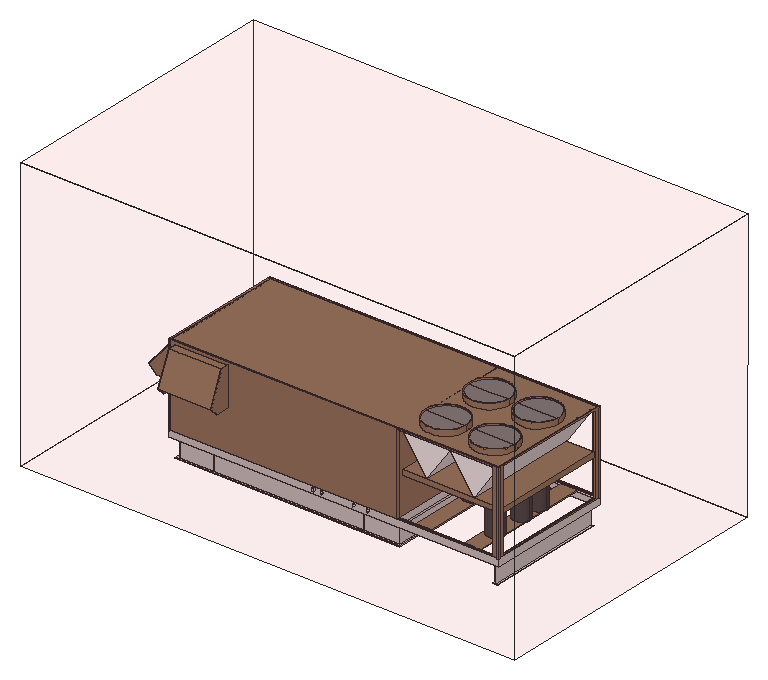
Revit family
Parameters (values of type "25 Ton - D - A - N - 208V")
  Width = 92"  # constant formula
  Voltage = 208 V
  URL = "www.johnsoncontrols.com"
  Temperature Rise Range [instance] = 0 °F
  Supply Fan HP = 0 VA
  Supply Fan Full Load Current = 0 A
  Supply Air Connection Width = 71 39/64"  # constant formula
  Supply Air Connection Height = 26"  # constant formula
  Supply Air Connection Description = "Supply Air"  # constant formula
  Steady State Efficiency [instance] = 0
  Static Resistance [instance] = -0.14
  Standard Capacity Evaporator [instance] = "12.3"
  Serial Number [instance] = ""
  Seasonal Energy Efficiency Rating [instance] = 0
  Right Detail Component Width = Width - 8"  # 84"
  Return Air Dry Bulb Temperature [instance] = 68 °F
  Return Air Connection Width = 76 3/8"  # constant formula
  Return Air Connection Height = 24 115/128"  # constant formula
  Return Air Connection Description = "Return Air"  # constant formula
  Refrigerant Used = "R-410A"  # constant formula
  Refrigerant Charge System Two = 12.00 lbf
  Refrigerant Charge System Three = 10.00 lbf
  Refrigerant Charge System One = 12.00 lbf
  Refrigerant Charge System Four = 10.00 lbf
  Propane [instance] = not(Natural Gas)  # no
  Product Page URL = "http://www.johnsoncontrols.com/publish/us/en/products/building_efficiency/integrated_hvac_systems/Industrial___Commercial_HVAC_Equipment/single-package_units/series_40.html"
  Product Documentation Link = "http://www.johnsoncontrols.com/publish/etc/medialib/jci/be/commercial/products/industrial___commercial/single-package_units.Par.8585.File.dat/series%2040%20-V%20series.pdf"
  Power Factor = 1  # constant formula
  Power Exhaust Width = 59 133/256"  # constant formula
  Power Exhaust = no
  Power Convenience Outlet Description [instance] = if(Power Convenience Outlet, "Convenience Outlet Power", "Disable")  # "Convenience Outlet Power"
  Power Convenience Outlet [instance] = yes
  Power Connector Description = "Equipment Power"  # constant formula
  Outdoor Ambient Temperature [instance] = 75 °F
  Outdoor Air Wet Bulb Temperature [instance] = 57 °F
  Operating Weight = 4410.00 lbf
  OmniClass Title = "Packaged Rooftop Air Conditioning Units"  # constant formula
  OmniClass Number = "23.75.10.24.21.27.14"  # constant formula
  Number of Poles = 3
  Nominal Cooling Capacity = 0.0 ton
  Natural Gas [instance] = yes
  Model = "V32DN"
  Maximum Overcurrent Protection = 0 A
  Manufacturer = "Johnson Controls, Inc."  # constant formula
  Length = 240"  # constant formula
  Keynote = "15700"
  Integrated Part Load Value = 0
  Hot Gas By Pass [instance] = no
  Height = 64"  # constant formula
  Gas Heat Model = "N3"
  Gas Connector Offset Front Minimum = 12"  # constant formula
  Gas Connector Offset Front = 12"
  Gas Connector Description = "Supply Gas"  # constant formula
  Gas Connection Radius = Gas Connection Diameter / 2  # 1 13/16"
  Gas Connection Diameter = 3 5/8"  # constant formula
  Frame Material = Metal - JCI - Steel - Galvanized With Wood Nailer
  Frame Finish = Paint - JCI - Powder Coated - Champagne
  Filter Type = "2\" TA"
  Filter Size and Quantity = "4 / 16 x 25 & 6 / 20 x 25"  # constant formula
  Filter Face Area = 30.40 SF  # constant formula
  Family Revision Date = "06/18/2010"  # constant formula
  Exhaust Fan Type = "FC"  # constant formula
  Exhaust Fan Quantity = 1
  Exhaust Fan HP [instance] = 0 VA
  Exhaust Fan Drive = "Belt Drive"
  Exhaust Air Flow = 0 CFM
  Exhaust Air Blower Full Load Current [instance] = 0 A
  Evaporator Coil Row Count = 2
  Evaporator Coil Fins per Inch = 16  # constant formula
  Evaporator Coil Face Area = 26.00 SF
  Economizer Damper Hood Right [instance] = not(Economizer Damper Hood Left)  # yes
  Detail Component Screen Height = Height - 5 5/8"  # 58 3/8"
  External Static Pressure [instance] = 0.00 in-wg
  Energy Efficiency Rating = 10.5
  Economizer Damper Hood Left [instance] = no
  Design Supply Air Flow [instance] = 0 CFM
  Description = "Air Handling Unit, Commercial Comfort Systems, Series 40, Cooling And Gas Heating-End Return, Bottom Supply - 25 to 40 Ton Unit"  # constant formula
  Curb Width = 87"  # constant formula
  Curb Thicknes = 2"  # constant formula
  Curb Metal Gauge = 1/8"  # constant formula
  Curb Length = 235"  # constant formula
  Curb Height [instance] = 14"
  Curb Material = Metal - JCI - Steel - Galvanized With Wood Nailer
  Curb Exists [instance] = yes
  Copyright © = "Copyright © 2001-2009 Johnson Controls"  # constant formula
  Convenience Outlet Voltage [instance] = if(Power Convenience Outlet, 115 V, 0 V)  # 115 V
  Convenience Outlet Full Load Current = 0 A
  Connection Opening Radius = 1 1/4"  # constant formula
  Condenser Fan Quantity = 4
  Condenser Fan HP = 0 VA
  Condenser Fan Full Load Current = 0 A
  Condenser Fan Drive Type = "Belt Drive"
  Condenser Fan Diameter = 30"
  Condenser Coils Fins per Inch = 16  # constant formula
  Condenser Coil Rows = 2
  Condenser Coil Material = Metal - JCI - Aluminum - Perforated - Micro Channel
  Condensate Drain Flow [instance] = 0 GPM
  Condensate Drain Connection Radius = Condensate Drain Connection Diameter / 2  # 3/4"
  Condensate Drain Connection Diameter = 1 1/2"  # constant formula
  Condensate Drain Connection Description = "Condensate Drain"  # constant formula
  Compressor Type = "Scroll"  # constant formula
  Compressor Size = "5.7 Tons"
  Compressor Running Load Current = 0 A
  Compressor Quantity = 4
  Compressor Maximum Continuous Current = 0 A
  Compressor Material = Metal - JCI - Cast Iron - Coated Black
  Compressor Locked Rotor Current = 0 A
  Clearance Top = 120"
  Clearance Right = 60"
  Clearance Left = 60"
  Clearance Front = 60"
  Clearance Bottom [instance] = if(Curb Exists, CTRL Curb Height, 0")  # 14"
  Clearance Back = 60"
  Clearance [instance] = Include Clearance : Include Clearance
  CTRL Gas Connetor Offset Front = if(Gas Connector Offset Front < Gas Connector Offset Front Minimum, Gas Connector Offset Front Minimum, Gas Connector Offset Front)  # 12"
  CTRL Curb Height [instance] = if(Curb Exists, if(Curb Height < 9", 8", 14"), 0")  # 14"
  Assembly Code = "D3050200"
  Actual Supply Gas Connection Flow [instance] = 0 GPM
  Actual Supply Air Flow [instance] = 0 CFM
  Actual Return Air Flow [instance] = 0 CFM
Reference planes (in)
  plane 1 "Center (Front/Back)": y = 0
  plane 2 "Curb Bottom": z = 0
  plane 3 "Center (Left/Right)": x = 0
  plane 4 "Curb Left": x = -117.5
  plane 5 "Curb Right": x = 117.5
  plane 6 "Curb Front": y = -43.5
  plane 7 "Curb Back": y = 43.5
  plane 8 "Return Air Left": x = -115.5
  plane 9 "Right Rail Center L/R": x = 115.5
  plane 10 "Curb Front Inset": y = -41.5
  plane 11 "Curb Back Inset": y = 41.5
  plane 12 "Curb Top": z = 14
  plane 13 "Curb Top Offset": z = 12.5
  plane 14 "Return Air Right": x = -90.60156
  plane 15 "Return Air Right Inset": x = -88.60156
  plane 16 "Supply Air Left": x = 18.17984
  plane 17 "Supply Air Right'": x = 44.17984
  plane 18 "Supply Air Right Offset": x = 46.17984
  plane 19 "Supply Air Left Offset": x = 16.17984
  plane 20 "Supply Air Front": y = -30.10938
  plane 21 "Supply Air Front Offset": y = -32.10938
  plane 22 "Right Rail Left": x = 113.5
  plane 23 "Right": x = 120
  plane 24 "Left": x = -120
  plane 25 "Back": y = 46
  plane 26 "Front": y = -46
  plane 27 "Center of Drain Connection L/R": x = -39.07
  plane 28 "Top of Base": z = 18.625
  plane 29 "Drain Center T/B": z = 16.3125
  plane 30 "Drain Back": y = 47
  plane 31 "Flanged Drain Left": x = -42.195
  plane 32 "Flanged Drain Right": x = -35.945
  plane 33 "Center of Electrical Connection L/R": x = -8.5
  plane 34 "Center of Electrical Connection F/B": y = -39.54
  plane 35 "Center of Connection Holes T/B": z = 17.0625
  plane 36 "Supply Gas F/B": y = -34
  plane 37 "Gas Connection Right": x = 25.025
  plane 38 "Return Air Bottom": z = 20.25
  plane 39 "Top": z = 78
  plane 40 "Top Inset": z = 77.5
  plane 41 "Center (Elevation)": z = 46
  plane 42 "Top of Economizer Rain Hood": z = 76
  plane 43 "Right Condenser Fans": x = 99.66996
  plane 44 "Center of Condenser Fans L/R": x = 81.83992
  plane 45 "Left Condenser Fans": x = 64.00988
  plane 46 "Rear Condenser Fans": y = 15.33333
  plane 47 "Front Condenser Fans": y = -23.97667
  plane 48 "Bottom of Mash": z = 19.125
  plane 49 "Return Air Top": z = 45.14844
  plane 50 "Return Air Back": y = 38.1875
  plane 51 "Return Air Front": y = -38.1875
  plane 52 "Power Convenience Outlet Center L/R": x = -14.5
  plane 53 "Power Convenience Outlet Right": x = -13.75
  plane 54 "Power Convenience Outletl Left": x = -15.25
  plane 55 "Power Convenience Bottom": z = 16.0625
  plane 56 "Power Convenience Outlet Top": z = 18.0625
  plane 57 "Power Convenience Outlet Front": y = -46.75
  plane 58 "Supply Center": x = 31.17984
  plane 59 "Supply Middle": y = 5.69098
  plane 60 "Return Middle": z = 32.69922
Forms (in)
  Sweep 1, solid, material "Metal - JCI - Steel - Galvanized With Wood Nailer" <- "Curb Material", visible <- "Curb Exists", detail levels fine
    path origin (0, 0, 0) x (1, 0, 0) y (0, 1, 0)
      loop
        line (-115.5, 41.5) -> (-115.5, -41.5) -> (44.17984, -41.5) -> (44.17984, 41.5) -> (-115.5, 41.5)
    profile origin (-35.66008, 41.5, 0) x (0, 1, 0) y (0, 0, 1)
      loop
        line (0, 0) -> (2, 0) -> (2, 0.125) -> (0.125, 0.125) -> (0.125, 13.875) -> (1.875, 13.875) -> (1.875, 12.5) -> (2, 12.5) -> (2, 14) -> (0, 14) -> (0, 0)
  Extrusion 2, solid, material "Metal - JCI - Steel - Galvanized With Wood Nailer" <- "Curb Material", visible <- "Curb Exists", detail levels fine
    sketch origin (0, 0, 0) x (1, 0, 0) y (0, 0, 1)
      loop
        line (16.17984, 12.5) -> (16.30484, 12.5) -> (16.30484, 13.875) -> (18.05484, 13.875) -> (18.05484, 0.125) -> (16.17984, 0.125) -> (16.17984, 0) -> (18.17984, 0) -> (18.17984, 14) -> (16.17984, 14) -> (16.17984, 12.5)
      loop
        line (-88.60156, 12.5) -> (-88.60156, 14) -> (-90.60156, 14) -> (-90.60156, 0) -> (-88.60156, 0) -> (-88.60156, 0.125) -> (-90.47656, 0.125) -> (-90.47656, 13.875) -> (-88.72656, 13.875) -> (-88.72656, 12.5) -> (-88.60156, 12.5)
    from -41.5 to 41.5
  Extrusion 3, solid, material "Metal - JCI - Steel - Galvanized With Wood Nailer" <- "Curb Material", visible <- "Curb Exists", detail levels fine
    sketch origin (0, 0, 0) x (0, 1, 0) y (0, 0, 1)
      loop
        line (-32.10938, 0.125) -> (-32.10938, 0) -> (-30.10938, 0) -> (-30.10938, 14) -> (-32.10938, 14) -> (-32.10938, 12.5) -> (-31.98438, 12.5) -> (-31.98438, 13.875) -> (-30.23438, 13.875) -> (-30.23438, 0.125) -> (-32.10938, 0.125)
    from 18.17984 to 44.17984
  Extrusion 4, solid, material "Metal - JCI - Steel - Galvanized With Wood Nailer" <- "Curb Material", visible <- "Curb Exists", detail levels fine
    sketch origin (0, 0, 0) x (1, 0, 0) y (0, 0, 1)
      loop
        line (113.5, 0.125) -> (113.5, 0) -> (117.5, 0) -> (117.5, 0.125) -> (115.625, 0.125) -> (115.625, 13.875) -> (117.375, 13.875) -> (117.375, 12.5) -> (117.5, 12.5) -> (117.5, 14) -> (113.5, 14) -> (113.5, 12.5) -> (113.625, 12.5) -> (113.625, 13.875) -> (115.375, 13.875) -> (115.375, 0.125) -> (113.5, 0.125)
    from -43.5 to 43.5
  Extrusion 5, solid, material "Metal - JCI - Steel - Galvanized With Wood Nailer" <- "Curb Material", visible <- "Curb Exists", detail levels medium
    sketch origin (0, 0, 12.5) x (-1, 0, 0) y (0, -1, 0)
      loop
        line (117.5, -43.5) -> (117.5, 43.5) -> (-46.17984, 43.5) -> (-46.17984, -43.5) -> (117.5, -43.5)
      loop
        line (-113.5, -43.5) -> (-113.5, 43.5) -> (-117.5, 43.5) -> (-117.5, -43.5) -> (-113.5, -43.5)
      loop
        line (115.5, -41.5) -> (115.5, 41.5) -> (90.60156, 41.5) -> (90.60156, -41.5) -> (115.5, -41.5)
      loop
        line (-18.17984, -41.5) -> (-18.17984, 30.10938) -> (-44.17984, 30.10938) -> (-44.17984, -41.5) -> (-18.17984, -41.5)
    from -12.5 to 1.5
  Revolve 6, solid, material "Metal - JCI - Steel - Galvanized With Wood Nailer" <- "Curb Material", detail levels medium+fine
    sketch origin (0, 0, 16.3125) x (-1, 0, 0) y (0, -1, 0)
      loop
        line (39.07, -47) -> (39.07, -46) -> (38.32, -46) -> (38.32, -47) -> (39.07, -47)
      axis (39.07, -46) -> (39.07, -47)
    angle from 0 to 360
  Extrusion 7, solid, material "Metal - JCI - Steel - Galvanized With Wood Nailer" <- "Curb Material", detail levels medium+fine
    sketch origin (0, -43.5, 0) x (-1, 0, 0) y (0, 0, 1)
      loop
        line (42.195, 18.625) -> (35.945, 18.625) -> (35.945, 14) -> (42.195, 14) -> (42.195, 18.625)
      loop
        circle (39.07, 16.3125) r 0.75
    from 89.5 to 89.57955
  Extrusion 8, void
    sketch origin (0, -43.5, 0) x (-1, 0, 0) y (0, 0, 1)
      loop
        circle (8.5, 17.0625) r 1.25
    from -2.5 to 3.96
  Extrusion 9, void
    sketch origin (0, 0, 16.3125) x (-1, 0, 0) y (0, -1, 0)
      loop
        line (-18.17984, -41.5) -> (-18.17984, 30.10938) -> (-44.17984, 30.10938) -> (-44.17984, -41.5) -> (-18.17984, -41.5)
    from -3.8125 to -2.3125
  Extrusion 10, void
    sketch origin (0, 0, 16.3125) x (-1, 0, 0) y (0, -1, 0)
      loop
        circle (-25.025, 34) r 1.8125
    from -3.8125 to 2.3125
  Extrusion 11, void
    sketch origin (0, 0, 0) x (0, 1, 0) y (0, 0, 1)
      loop
        line (38.1875, 45.14844) -> (-38.1875, 45.14844) -> (-38.1875, 20.25) -> (38.1875, 20.25) -> (38.1875, 45.14844)
    from -120 to -117.5
  Extrusion 12, solid, material "Metal - JCI - Steel - Galvanized With Wood Nailer" <- "Frame Material", visible <- "Power Convenience Outlet", detail levels medium+fine
    sketch origin (0, -46, 0) x (-1, 0, 0) y (0, 0, 1)
      loop
        line (15.25, 18.0625) -> (13.75, 18.0625) -> (13.75, 16.0625) -> (15.25, 16.0625) -> (15.25, 18.0625)
    from -0.75 to 0
Lines and regions (in)
  Masking region 1
    outline origin (0, 0, 0) x (1, 0, 0) y (0, 0, 1)
      loop
        line (113.5, 14) -> (113.5, 0) -> (117.5, 0) -> (117.5, 14) -> (113.5, 14)
      loop
        line (-117.5, 14) -> (-117.5, 0) -> (46.17984, 0) -> (46.17984, 14) -> (-117.5, 14)
  Masking region 2
    outline origin (0, 0, 0) x (0, 1, 0) y (0, 0, 1)
      loop
        line (-43.5, 14) -> (-43.5, 0) -> (43.5, 0) -> (43.5, 14) -> (-43.5, 14)
  Masking region 3, visible <- "Power Convenience Outlet", detail levels medium+fine
    outline origin (-14.5, 0, 0) x (0, -1, 0) y (0, 0, 1)
      loop
        line (46.75, 18.0625) -> (46, 18.0625) -> (46, 16.0625) -> (46.75, 16.0625) -> (46.75, 18.0625)
  Masking region 4, visible <- "Power Convenience Outlet"
    outline origin (0, -46, 0) x (-1, 0, 0) y (0, 0, 1)
      loop
        line (15.25, 18.0625) -> (13.75, 18.0625) -> (13.75, 16.0625) -> (15.25, 16.0625) -> (15.25, 18.0625)
  Masking region 5, visible <- "Power Convenience Outlet", detail levels medium+fine
    outline origin (0, 0, 17.0625) x (-1, 0, 0) y (0, -1, 0)
      loop
        line (15.25, 46) -> (15.25, 46.75) -> (13.75, 46.75) -> (13.75, 46) -> (15.25, 46)
  Masking region 6, detail levels medium+fine
    outline origin (-39.07, 0, 0) x (0, -1, 0) y (0, 0, 1)
      loop
        line (-46, 17.0625) -> (-47, 17.0625) -> (-47, 15.5625) -> (-46, 15.5625) -> (-46, 17.0625)
  Masking region 7, detail levels medium+fine
    outline origin (0, 0, 17.0625) x (-1, 0, 0) y (0, -1, 0)
      loop
        line (39.82, -47) -> (39.82, -46) -> (38.32, -46) -> (38.32, -47) -> (39.82, -47)
  model lines, style "Roof Curv", visible <- "Curb Exists", detail levels coarse
    curve 1: line (-117.5, 43.5, 0) -> (46.17984, 43.5, 0)
    curve 2: line (-117.5, 43.5, 0) -> (-117.5, -43.5, 0)
    curve 3: line (-117.5, -43.5, 0) -> (46.17984, -43.5, 0)
    curve 4: line (46.17984, 43.5, 0) -> (46.17984, -43.5, 0)
    curve 5: line (115.5, 43.5, 0) -> (115.5, -43.5, 0)
    curve 6: line (-117.5, 43.5, 14) -> (46.17984, 43.5, 14)
    curve 7: line (-117.5, -43.5, 14) -> (46.17984, -43.5, 14)
    curve 8: line (46.17984, 43.5, 14) -> (46.17984, -43.5, 14)
    curve 9: line (-117.5, 43.5, 14) -> (-117.5, -43.5, 14)
    curve 10: line (115.5, 43.5, 14) -> (115.5, -43.5, 14)
    curve 11: line (113.5, -43.5, 14) -> (117.5, -43.5, 14)
    curve 12: line (113.5, 43.5, 14) -> (117.5, 43.5, 14)
    curve 13: line (113.5, 43.5, 0) -> (117.5, 43.5, 0)
    curve 14: line (113.5, -43.5, 0) -> (117.5, -43.5, 0)
    curve 15: line (117.5, 43.5, 14) -> (117.5, 43.5, 12.5)
    curve 16: line (113.5, 43.5, 14) -> (113.5, 43.5, 12.5)
    curve 17: line (115.5, 43.5, 14) -> (115.5, 43.5, 0)
    curve 18: line (113.5, -43.5, 14) -> (113.5, -43.5, 12.5)
    curve 19: line (117.5, -43.5, 14) -> (117.5, -43.5, 12.5)
    curve 20: line (115.5, -43.5, 14) -> (115.5, -43.5, 0)
    curve 21: line (113.5, 43.5, 0) -> (113.5, -43.5, 0)
    curve 22: line (117.5, 43.5, 0) -> (117.5, -43.5, 0)
    curve 23: line (113.5, 43.5, 14) -> (113.5, -43.5, 14)
    curve 24: line (117.5, 43.5, 14) -> (117.5, -43.5, 14)
    curve 25: line (117.5, 43.5, 12.5) -> (117.5, -43.5, 12.5)
    curve 26: line (113.5, -43.5, 12.5) -> (113.5, 43.5, 12.5)
    curve 27: line (44.17984, 41.5, 14) -> (44.17984, 41.5, 0)
    curve 28: line (-115.5, 41.5, 14) -> (-115.5, 41.5, 0)
    curve 29: line (-115.5, -41.5, 14) -> (-115.5, -41.5, 0)
    curve 30: line (44.17984, -41.5, 14) -> (44.17984, -41.5, 0)
    curve 31: line (-115.5, 41.5, 0) -> (44.17984, 41.5, 0)
    curve 32: line (-115.5, -41.5, 0) -> (44.17984, -41.5, 0)
    curve 33: line (44.17984, 41.5, 0) -> (44.17984, -41.5, 0)
    curve 34: line (-115.5, 41.5, 0) -> (-115.5, -41.5, 0)
    curve 35: line (-115.5, 41.5, 14) -> (44.17984, 41.5, 14)
    curve 36: line (44.17984, 41.5, 14) -> (44.17984, -41.5, 14)
    curve 37: line (44.17984, -41.5, 14) -> (-115.5, -41.5, 14)
    curve 38: line (-115.5, -41.5, 14) -> (-115.5, 41.5, 14)
    curve 39: line (-117.5, 43.5, 14) -> (-115.5, 41.5, 14)
    curve 40: line (-117.5, -43.5, 14) -> (-115.5, -41.5, 14)
    curve 41: line (44.17984, -41.5, 14) -> (46.17984, -43.5, 14)
    curve 42: line (44.17984, 41.5, 14) -> (46.17984, 43.5, 14)
    curve 43: line (44.17984, 41.5, 0) -> (46.17984, 43.5, 0)
    curve 44: line (44.17984, -41.5, 0) -> (46.17984, -43.5, 0)
    curve 45: line (-115.5, -41.5, 0) -> (-117.5, -43.5, 0)
    curve 46: line (-115.5, 41.5, 0) -> (-117.5, 43.5, 0)
    curve 47: line (-117.5, 43.5, 14) -> (-117.5, 43.5, 12.5)
    curve 48: line (46.17984, 43.5, 14) -> (46.17984, 43.5, 12.5)
    curve 49: line (-117.5, -43.5, 14) -> (-117.5, -43.5, 12.5)
    curve 50: line (46.17984, -43.5, 14) -> (46.17984, -43.5, 12.5)
    curve 51: line (-117.5, 43.5, 12.5) -> (46.17984, 43.5, 12.5)
    curve 52: line (-117.5, -43.5, 12.5) -> (-117.5, 43.5, 12.5)
    curve 53: line (46.17984, -43.5, 12.5) -> (-117.5, -43.5, 12.5)
    curve 54: line (46.17984, 43.5, 12.5) -> (46.17984, -43.5, 12.5)
  model lines, style "Roof Curv", detail levels coarse
    curve 55: line (-39.07, 46, 16.3125) -> (-39.07, 47, 16.3125)
  symbolic lines, style "Roof Curv", detail levels coarse
    curve 56: line (-39.07, 46, 16.3125) -> (-39.07, 47, 16.3125)
    curve 57: line (-39.07, 46, 16.3125) -> (-39.07, 47, 16.3125)
  model lines, style "Frame Unit", visible <- "Power Convenience Outlet", detail levels coarse+fine
    curve 58: line (-14.5, -46.75, 17.0625) -> (-14.5, -46, 17.0625)
    curve 60: line (-15.25, -46, 18.0625) -> (-13.75, -46, 18.0625)
    curve 61: line (-13.75, -46, 18.0625) -> (-13.75, -46, 16.0625)
    curve 62: line (-13.75, -46, 16.0625) -> (-15.25, -46, 16.0625)
    curve 63: line (-15.25, -46, 16.0625) -> (-15.25, -46, 18.0625)
  symbolic lines, style "Frame Unit", visible <- "Power Convenience Outlet", detail levels coarse
    curve 59: line (-14.5, -46.75, 17.0625) -> (-14.5, -46, 17.0625)
    curve 64: line (-14.5, -46, 17.0625) -> (-14.5, -46.75, 17.0625)
Dimensions and locks (in)
  "Curb Thicknes": plane 9 "Right Rail Center L/R" to plane 5 "Curb Right"
  "Curb Thicknes": plane 4 "Curb Left" to plane 8 "Return Air Left"
  "Curb Height": plane 12 "Curb Top" to plane 2 "Curb Bottom"
  locked: plane 12 "Curb Top" to plane 13 "Curb Top Offset" at 1.5
  "Curb Metal Gauge": Sweep 1 sketch curve to plane 7 "Curb Back"
  "Curb Metal Gauge": plane 12 "Curb Top" to Sweep 1 sketch curve
  "Curb Metal Gauge": plane 11 "Curb Back Inset" to Sweep 1 sketch curve
  "Curb Metal Gauge": Sweep 1 sketch curve to plane 2 "Curb Bottom"
  "Curb Thicknes": plane 14 "Return Air Right" to plane 15 "Return Air Right Inset"
  "Return Air Connection Height": plane 8 "Return Air Left" to plane 14 "Return Air Right"
  "Supply Air Connection Height": plane 16 "Supply Air Left" to plane 17 "Supply Air Right'"
  "Curb Thicknes": plane 17 "Supply Air Right'" to plane 18 "Supply Air Right Offset"
  "Curb Thicknes": plane 19 "Supply Air Left Offset" to plane 16 "Supply Air Left"
  "Curb Metal Gauge": plane 14 "Return Air Right" to Extrusion 2 sketch curve
  "Curb Metal Gauge": Extrusion 2 sketch curve to plane 2 "Curb Bottom"  (x2)
  "Curb Metal Gauge": Extrusion 2 sketch curve to plane 15 "Return Air Right Inset"
  "Curb Metal Gauge": plane 12 "Curb Top" to Extrusion 2 sketch curve  (x2)
  "Curb Metal Gauge": plane 19 "Supply Air Left Offset" to Extrusion 2 sketch curve
  "Curb Metal Gauge": Extrusion 2 sketch curve to plane 16 "Supply Air Left"
  "Supply Air Connection Width": plane 20 "Supply Air Front" to plane 11 "Curb Back Inset"
  "Curb Thicknes": plane 20 "Supply Air Front" to plane 21 "Supply Air Front Offset"
  "Curb Metal Gauge": Extrusion 3 sketch curve to plane 20 "Supply Air Front"
  "Curb Metal Gauge": plane 21 "Supply Air Front Offset" to Extrusion 3 sketch curve
  "Curb Metal Gauge": plane 12 "Curb Top" to Extrusion 3 sketch curve
  "Curb Metal Gauge": Extrusion 3 sketch curve to plane 2 "Curb Bottom"
  "Curb Thicknes": plane 22 "Right Rail Left" to plane 9 "Right Rail Center L/R"
  "Curb Metal Gauge": plane 12 "Curb Top" to Extrusion 4 sketch curve
  "Curb Metal Gauge": Extrusion 4 sketch curve to plane 5 "Curb Right"
  "Curb Metal Gauge": Extrusion 4 sketch curve to plane 2 "Curb Bottom"
  "Curb Metal Gauge": Extrusion 4 sketch curve to plane 9 "Right Rail Center L/R"
  "Curb Metal Gauge": plane 9 "Right Rail Center L/R" to Extrusion 4 sketch curve
  "Curb Metal Gauge": Extrusion 4 sketch curve to plane 22 "Right Rail Left"
  equal spacing: plane 24 "Left", plane 3 "Center (Left/Right)", plane 23 "Right"
  "Length": plane 24 "Left" to plane 23 "Right"
  equal spacing: plane 25 "Back", plane 1 "Center (Front/Back)", plane 26 "Front"
  "Width": plane 25 "Back" to plane 26 "Front"
  locked: plane 7 "Curb Back" to plane 25 "Back" at 2.5
  locked: plane 6 "Curb Front" to plane 26 "Front" at 2.5
  "Curb Thicknes": plane 10 "Curb Front Inset" to plane 6 "Curb Front"
  "Curb Thicknes": plane 11 "Curb Back Inset" to plane 7 "Curb Back"
  locked: plane 5 "Curb Right" to plane 23 "Right" at 2.5
  locked: plane 24 "Left" to plane 4 "Curb Left" at 2.5
  locked: plane 24 "Left" to plane 27 "Center of Drain Connection L/R" at 80.93
  locked: plane 28 "Top of Base" to plane 12 "Curb Top" at 4.625
  equal spacing: plane 28 "Top of Base", plane 29 "Drain Center T/B", plane 12 "Curb Top"
  "Condensate Drain Connection Radius": Revolve 6 sketch curve to Revolve 6 sketch curve
  locked: plane 25 "Back" to plane 30 "Drain Back" at 1
  equal spacing: plane 32 "Flanged Drain Right", plane 27 "Center of Drain Connection L/R", plane 31 "Flanged Drain Left"
  locked: plane 32 "Flanged Drain Right" to plane 31 "Flanged Drain Left" at 6.25
  "Condensate Drain Connection Radius": Extrusion 7 sketch curve to plane 29 "Drain Center T/B"
  "Condensate Drain Connection Radius": plane 27 "Center of Drain Connection L/R" to Extrusion 7 sketch curve
  locked: plane 25 "Back" to Extrusion 7 at 0.07955
  locked: plane 33 "Center of Electrical Connection L/R" to plane 23 "Right" at 128.5
  locked: plane 34 "Center of Electrical Connection F/B" to plane 26 "Front" at 6.46
  locked: plane 35 "Center of Connection Holes T/B" to plane 12 "Curb Top" at 3.0625
  "Connection Opening Radius": plane 33 "Center of Electrical Connection L/R" to Extrusion 8 sketch curve
  "Connection Opening Radius": plane 35 "Center of Connection Holes T/B" to Extrusion 8 sketch curve
  "CTRL Gas Connetor Offset Front": plane 36 "Supply Gas F/B" to plane 26 "Front"
  locked: plane 37 "Gas Connection Right" to plane 23 "Right" at 94.975
  "Gas Connection Radius": plane 37 "Gas Connection Right" to Extrusion 10 sketch curve
  "Gas Connection Radius": plane 36 "Supply Gas F/B" to Extrusion 10 sketch curve
  locked: plane 17 "Supply Air Right'" to plane 23 "Right" at 75.82016
  locked: plane 38 "Return Air Bottom" to plane 12 "Curb Top" at 6.25
  locked: plane 39 "Top" to plane 40 "Top Inset" at 0.5
  "Height": plane 39 "Top" to plane 12 "Curb Top"
  equal spacing: plane 39 "Top", plane 41 "Center (Elevation)", plane 12 "Curb Top"
  locked: plane 39 "Top" to plane 42 "Top of Economizer Rain Hood" at 2
  equal spacing: plane 18 "Supply Air Right Offset", plane 45 "Left Condenser Fans", plane 44 "Center of Condenser Fans L/R", plane 43 "Right Condenser Fans", plane 5 "Curb Right"
  locked: plane 46 "Rear Condenser Fans" to plane 47 "Front Condenser Fans" at 39.31
  locked: plane 46 "Rear Condenser Fans" to plane 25 "Back" at 30.66667
  plane 9 "Right Rail Center L/R" to plane 18 "Supply Air Right Offset" = 69.32016"
  locked: plane 48 "Bottom of Mash" to plane 28 "Top of Base" at 0.5
  "Return Air Connection Height": plane 49 "Return Air Top" to plane 38 "Return Air Bottom"
  equal spacing: plane 51 "Return Air Front", plane 1 "Center (Front/Back)", plane 50 "Return Air Back"
  "Return Air Connection Width": plane 51 "Return Air Front" to plane 50 "Return Air Back"
  locked: plane 52 "Power Convenience Outlet Center L/R" to plane 33 "Center of Electrical Connection L/R" at 6
  equal spacing: plane 53 "Power Convenience Outlet Right", plane 52 "Power Convenience Outlet Center L/R", plane 54 "Power Convenience Outletl Left"
  locked: plane 53 "Power Convenience Outlet Right" to plane 54 "Power Convenience Outletl Left" at 1.5
  locked: plane 56 "Power Convenience Outlet Top" to plane 55 "Power Convenience Bottom" at 2
  equal spacing: plane 56 "Power Convenience Outlet Top", plane 35 "Center of Connection Holes T/B", plane 55 "Power Convenience Bottom"
  locked: plane 57 "Power Convenience Outlet Front" to plane 26 "Front" at 0.75
  "Condensate Drain Connection Radius": plane 29 "Drain Center T/B" to Masking region 6 sketch curve
  "Condensate Drain Connection Radius": Masking region 6 sketch curve to plane 29 "Drain Center T/B"
  "Condensate Drain Connection Radius": plane 27 "Center of Drain Connection L/R" to Masking region 7 sketch curve
  "Condensate Drain Connection Radius": Masking region 7 sketch curve to plane 27 "Center of Drain Connection L/R"
  "Connection Opening Radius": radius of Extrusion 8 sketch curve
  "Gas Connection Radius": radius of Extrusion 10 sketch curve
  aligned and locked: plane 2 "Curb Bottom" to level
  aligned and locked: Sweep 1 sketch curve to plane 11 "Curb Back Inset"
  aligned and locked: Sweep 1 sketch curve to plane 12 "Curb Top"
  aligned and locked: plane 13 "Curb Top Offset" to Sweep 1 sketch curve
  aligned and locked: plane 11 "Curb Back Inset" to Sweep 1 sketch curve
  aligned and locked: plane 10 "Curb Front Inset" to Sweep 1 sketch curve
  aligned and locked: Sweep 1 sketch curve to plane 8 "Return Air Left"
  aligned and locked: plane 7 "Curb Back" to Sweep 1 sketch curve
  aligned and locked: Sweep 1 sketch curve to plane 2 "Curb Bottom"
  aligned and locked: plane 17 "Supply Air Right'" to Sweep 1 sketch curve
  aligned and locked: plane 16 "Supply Air Left" to Extrusion 2 sketch curve
  aligned and locked: Extrusion 2 sketch curve to plane 19 "Supply Air Left Offset"  (x2)
  aligned and locked: Extrusion 2 sketch curve to plane 12 "Curb Top"
  aligned and locked: plane 2 "Curb Bottom" to Extrusion 2 sketch curve
  aligned and locked: Extrusion 2 sketch curve to plane 15 "Return Air Right Inset"  (x2)
  aligned and locked: plane 14 "Return Air Right" to Extrusion 2 sketch curve
  aligned and locked: plane 12 "Curb Top" to Extrusion 2 sketch curve
  aligned and locked: Extrusion 2 sketch curve to plane 2 "Curb Bottom"
  aligned and locked: Extrusion 2 to plane 11 "Curb Back Inset"
  aligned and locked: Extrusion 2 to plane 10 "Curb Front Inset"
  aligned and locked: Extrusion 2 sketch curve to plane 13 "Curb Top Offset"
  aligned and locked: plane 13 "Curb Top Offset" to Extrusion 2 sketch curve
  aligned and locked: Extrusion 3 sketch curve to plane 12 "Curb Top"
  aligned and locked: plane 2 "Curb Bottom" to Extrusion 3 sketch curve
  aligned and locked: Extrusion 3 sketch curve to plane 20 "Supply Air Front"
  aligned and locked: plane 21 "Supply Air Front Offset" to Extrusion 3 sketch curve  (x2)
  aligned and locked: plane 13 "Curb Top Offset" to Extrusion 3 sketch curve
  aligned and locked: plane 16 "Supply Air Left" to Extrusion 3
  aligned and locked: Extrusion 3 to plane 17 "Supply Air Right'"
  aligned and locked: Extrusion 4 sketch curve to plane 12 "Curb Top"
  aligned and locked: plane 22 "Right Rail Left" to Extrusion 4 sketch curve  (x2)
  aligned and locked: plane 13 "Curb Top Offset" to Extrusion 4 sketch curve  (x2)
  aligned and locked: plane 5 "Curb Right" to Extrusion 4 sketch curve  (x2)
  aligned and locked: plane 2 "Curb Bottom" to Extrusion 4 sketch curve
  aligned and locked: Extrusion 4 sketch curve to Extrusion 4 sketch curve  (x2)
  aligned and locked: Extrusion 4 to plane 7 "Curb Back"
  aligned and locked: Extrusion 4 to plane 6 "Curb Front"
  aligned and locked: plane 6 "Curb Front" to curve 4
  aligned and locked: plane 7 "Curb Back" to curve 5
  aligned and locked: plane 6 "Curb Front" to curve 5
  aligned and locked: curve 5 to plane 9 "Right Rail Center L/R"
  aligned and locked: plane 18 "Supply Air Right Offset" to curve 1
  aligned and locked: plane 4 "Curb Left" to curve 3
  aligned and locked: curve 3 to plane 6 "Curb Front"
  aligned and locked: plane 4 "Curb Left" to curve 9
  aligned and locked: plane 18 "Supply Air Right Offset" to curve 7
  aligned and locked: plane 22 "Right Rail Left" to curve 11
  aligned and locked: plane 22 "Right Rail Left" to curve 14
  aligned and locked: plane 5 "Curb Right" to curve 11
  aligned and locked: plane 5 "Curb Right" to curve 14
  aligned and locked: curve 11 to plane 6 "Curb Front"
  aligned and locked: curve 14 to plane 6 "Curb Front"
  aligned and locked: plane 18 "Supply Air Right Offset" to curve 8
  aligned and locked: plane 7 "Curb Back" to curve 10
  aligned and locked: curve 10 to plane 9 "Right Rail Center L/R"
  aligned and locked: plane 5 "Curb Right" to curve 13
  aligned and locked: plane 22 "Right Rail Left" to curve 12
  aligned and locked: plane 22 "Right Rail Left" to curve 13
  aligned and locked: plane 7 "Curb Back" to curve 12
  aligned and locked: plane 7 "Curb Back" to curve 13
  aligned and locked: plane 4 "Curb Left" to curve 6
  aligned and locked: plane 4 "Curb Left" to curve 1
  aligned and locked: plane 18 "Supply Air Right Offset" to curve 6
  aligned and locked: plane 6 "Curb Front" to curve 9
  aligned and locked: plane 6 "Curb Front" to curve 2
  aligned and locked: plane 12 "Curb Top" to curve 18
  aligned and locked: plane 12 "Curb Top" to curve 16
  aligned and locked: plane 12 "Curb Top" to curve 20
  aligned and locked: plane 12 "Curb Top" to curve 17
  aligned and locked: plane 12 "Curb Top" to curve 15
  aligned and locked: plane 12 "Curb Top" to curve 19
  aligned and locked: plane 13 "Curb Top Offset" to curve 18
  aligned and locked: plane 13 "Curb Top Offset" to curve 16
  aligned and locked: plane 13 "Curb Top Offset" to curve 15
  aligned and locked: plane 13 "Curb Top Offset" to curve 19
  aligned and locked: plane 2 "Curb Bottom" to curve 20
  aligned and locked: plane 2 "Curb Bottom" to curve 17
  aligned and locked: curve 16 to plane 22 "Right Rail Left"
  aligned and locked: curve 18 to plane 22 "Right Rail Left"
  aligned and locked: plane 5 "Curb Right" to curve 15
  aligned and locked: plane 5 "Curb Right" to curve 19
  aligned and locked: curve 17 to plane 9 "Right Rail Center L/R"
  aligned and locked: curve 20 to plane 9 "Right Rail Center L/R"
  aligned and locked: plane 5 "Curb Right" to curve 24
  aligned and locked: plane 7 "Curb Back" to curve 24
  aligned and locked: plane 7 "Curb Back" to curve 23
  aligned and locked: plane 7 "Curb Back" to curve 22
  aligned and locked: plane 7 "Curb Back" to curve 21
  aligned and locked: plane 6 "Curb Front" to curve 23
  aligned and locked: plane 6 "Curb Front" to curve 24
  aligned and locked: plane 6 "Curb Front" to curve 21
  aligned and locked: plane 6 "Curb Front" to curve 22
  aligned and locked: plane 7 "Curb Back" to curve 25
  aligned and locked: plane 7 "Curb Back" to curve 26
  aligned and locked: plane 6 "Curb Front" to curve 25
  aligned and locked: plane 5 "Curb Right" to curve 25
  aligned and locked: plane 22 "Right Rail Left" to curve 26
  aligned and locked: plane 12 "Curb Top" to curve 30
  aligned and locked: plane 12 "Curb Top" to curve 27
  aligned and locked: plane 12 "Curb Top" to curve 28
  aligned and locked: plane 12 "Curb Top" to curve 29
  aligned and locked: plane 2 "Curb Bottom" to curve 29
  aligned and locked: plane 2 "Curb Bottom" to curve 28
  aligned and locked: plane 2 "Curb Bottom" to curve 30
  aligned and locked: plane 2 "Curb Bottom" to curve 27
  aligned and locked: plane 17 "Supply Air Right'" to curve 27
  aligned and locked: plane 17 "Supply Air Right'" to curve 30
  aligned and locked: plane 8 "Return Air Left" to curve 28
  aligned and locked: plane 8 "Return Air Left" to curve 29
  aligned and locked: plane 8 "Return Air Left" to curve 31
  aligned and locked: plane 17 "Supply Air Right'" to curve 35
  aligned and locked: plane 10 "Curb Front Inset" to curve 36
  aligned and locked: plane 10 "Curb Front Inset" to curve 33
  aligned and locked: plane 17 "Supply Air Right'" to curve 33
  aligned and locked: curve 32 to plane 10 "Curb Front Inset"
  aligned and locked: plane 8 "Return Air Left" to curve 32
  aligned and locked: plane 10 "Curb Front Inset" to curve 38
  aligned and locked: curve 38 to plane 8 "Return Air Left"
  aligned and locked: plane 11 "Curb Back Inset" to curve 31
  aligned and locked: plane 11 "Curb Back Inset" to curve 35
  aligned and locked: plane 8 "Return Air Left" to curve 39
  aligned and locked: plane 7 "Curb Back" to curve 39
  aligned and locked: plane 11 "Curb Back Inset" to curve 42
  aligned and locked: plane 7 "Curb Back" to curve 42
  aligned and locked: plane 7 "Curb Back" to curve 43
  aligned and locked: plane 11 "Curb Back Inset" to curve 43
  aligned and locked: plane 18 "Supply Air Right Offset" to curve 44
  aligned and locked: plane 17 "Supply Air Right'" to curve 44
  aligned and locked: plane 17 "Supply Air Right'" to curve 41
  aligned and locked: plane 4 "Curb Left" to curve 40
  aligned and locked: plane 6 "Curb Front" to curve 40
  aligned and locked: curve 46 to curve 39
  aligned and locked: plane 7 "Curb Back" to curve 46
  aligned and locked: plane 6 "Curb Front" to curve 41
  aligned and locked: plane 13 "Curb Top Offset" to curve 47
  aligned and locked: plane 13 "Curb Top Offset" to curve 49
  aligned and locked: plane 12 "Curb Top" to curve 47
  aligned and locked: plane 12 "Curb Top" to curve 49
  aligned and locked: plane 4 "Curb Left" to curve 47
  aligned and locked: plane 4 "Curb Left" to curve 49
  aligned and locked: plane 13 "Curb Top Offset" to curve 48
  aligned and locked: plane 13 "Curb Top Offset" to curve 50
  aligned and locked: plane 12 "Curb Top" to curve 50
  aligned and locked: plane 12 "Curb Top" to curve 48
  aligned and locked: plane 18 "Supply Air Right Offset" to curve 48
  aligned and locked: plane 18 "Supply Air Right Offset" to curve 50
  aligned and locked: plane 18 "Supply Air Right Offset" to curve 54
  aligned and locked: plane 7 "Curb Back" to curve 51
  aligned and locked: plane 7 "Curb Back" to curve 54
  aligned and locked: plane 6 "Curb Front" to curve 54
  aligned and locked: plane 18 "Supply Air Right Offset" to curve 53
  aligned and locked: plane 6 "Curb Front" to curve 52
  aligned and locked: plane 4 "Curb Left" to curve 53
  aligned and locked: plane 4 "Curb Left" to curve 51
  aligned and locked: plane 18 "Supply Air Right Offset" to curve 51
  aligned and locked: plane 7 "Curb Back" to curve 52
  aligned and locked: plane 7 "Curb Back" to Extrusion 5 sketch curve  (x2)
  aligned and locked: Extrusion 5 sketch curve to plane 4 "Curb Left"
  aligned and locked: plane 6 "Curb Front" to Extrusion 5 sketch curve  (x2)
  aligned and locked: plane 18 "Supply Air Right Offset" to Extrusion 5 sketch curve
  aligned and locked: plane 22 "Right Rail Left" to Extrusion 5 sketch curve
  aligned and locked: plane 5 "Curb Right" to Extrusion 5 sketch curve
  aligned and locked: Extrusion 5 to plane 2 "Curb Bottom"
  aligned and locked: plane 12 "Curb Top" to Extrusion 5
  aligned and locked: Revolve 6 sketch curve to plane 27 "Center of Drain Connection L/R"
  aligned and locked: Revolve 6 sketch curve to plane 25 "Back"
  aligned and locked: Revolve 6 sketch curve to Revolve 6 sketch curve
  aligned and locked: plane 30 "Drain Back" to Revolve 6 sketch curve
  aligned and locked: plane 25 "Back" to curve 55
  aligned and locked: plane 30 "Drain Back" to curve 55
  aligned and locked: plane 27 "Center of Drain Connection L/R" to curve 55
  aligned and locked: plane 30 "Drain Back" to curve 56
  aligned and locked: plane 25 "Back" to curve 56
  aligned and locked: plane 27 "Center of Drain Connection L/R" to curve 56
  aligned and locked: plane 30 "Drain Back" to curve 57
  aligned and locked: plane 25 "Back" to curve 57
  aligned and locked: curve 57 to plane 29 "Drain Center T/B"
  aligned and locked: plane 32 "Flanged Drain Right" to Extrusion 7 sketch curve
  aligned and locked: plane 12 "Curb Top" to Extrusion 7 sketch curve
  aligned and locked: plane 31 "Flanged Drain Left" to Extrusion 7 sketch curve
  aligned and locked: Extrusion 7 sketch curve to plane 28 "Top of Base"
  aligned and locked: plane 25 "Back" to Extrusion 7
  aligned and locked: plane 34 "Center of Electrical Connection F/B" to Extrusion 8
  aligned and locked: Extrusion 8 to plane 26 "Front"
  aligned and locked: plane 1 "Center (Front/Back)" to nested 1
  aligned and locked: plane 12 "Curb Top" to nested 1
  aligned and locked: plane 3 "Center (Left/Right)" to nested 1
  aligned and locked: Masking region 1 sketch curve to plane 12 "Curb Top"  (x2)
  aligned and locked: Masking region 1 sketch curve to plane 4 "Curb Left"
  aligned and locked: plane 2 "Curb Bottom" to Masking region 1 sketch curve  (x2)
  aligned and locked: plane 18 "Supply Air Right Offset" to Masking region 1 sketch curve
  aligned and locked: plane 5 "Curb Right" to Masking region 1 sketch curve
  aligned and locked: plane 22 "Right Rail Left" to Masking region 1 sketch curve
  aligned and locked: Masking region 2 sketch curve to plane 12 "Curb Top"
  aligned and locked: plane 7 "Curb Back" to Masking region 2 sketch curve
  aligned and locked: plane 2 "Curb Bottom" to Masking region 2 sketch curve
  aligned and locked: plane 6 "Curb Front" to Masking region 2 sketch curve
  aligned and locked: plane 11 "Curb Back Inset" to Extrusion 9 sketch curve
  aligned and locked: Extrusion 9 sketch curve to plane 16 "Supply Air Left"
  aligned and locked: plane 17 "Supply Air Right'" to Extrusion 9 sketch curve
  aligned and locked: plane 20 "Supply Air Front" to Extrusion 9 sketch curve
  aligned and locked: plane 12 "Curb Top" to Extrusion 9
  aligned and locked: Extrusion 9 to plane 13 "Curb Top Offset"
  aligned and locked: Extrusion 10 to plane 13 "Curb Top Offset"
  aligned and locked: plane 28 "Top of Base" to Extrusion 10
  aligned and locked: plane 1 "Center (Front/Back)" to nested 2
  aligned and locked: plane 3 "Center (Left/Right)" to nested 2
  aligned and locked: plane 12 "Curb Top" to nested 2
  aligned and locked: plane 11 "Curb Back Inset" to Extrusion 5 sketch curve  (x2)
  aligned and locked: Extrusion 5 sketch curve to plane 8 "Return Air Left"
  aligned and locked: plane 14 "Return Air Right" to Extrusion 5 sketch curve
  aligned and locked: plane 10 "Curb Front Inset" to Extrusion 5 sketch curve
  aligned and locked: Extrusion 5 sketch curve to plane 16 "Supply Air Left"
  aligned and locked: plane 17 "Supply Air Right'" to Extrusion 5 sketch curve
  aligned and locked: plane 20 "Supply Air Front" to Extrusion 5 sketch curve
  aligned and locked: plane 1 "Center (Front/Back)" to nested 3
  aligned and locked: nested 4 to plane 8 "Return Air Left"
  aligned and locked: nested 4 to plane 25 "Back"
  aligned and locked: nested 5 to plane 8 "Return Air Left"
  aligned and locked: nested 5 to plane 26 "Front"
  aligned and locked: plane 42 "Top of Economizer Rain Hood" to nested 5
  aligned and locked: plane 42 "Top of Economizer Rain Hood" to nested 4
  aligned and locked: plane 42 "Top of Economizer Rain Hood" to nested 6
  aligned and locked: plane 1 "Center (Front/Back)" to nested 6
  aligned and locked: nested 6 to plane 24 "Left"
  aligned and locked: plane 1 "Center (Front/Back)" to nested 8
  aligned and locked: plane 45 "Left Condenser Fans" to nested 8
  aligned and locked: plane 46 "Rear Condenser Fans" to nested 7
  aligned and locked: plane 1 "Center (Front/Back)" to nested 9
  aligned and locked: plane 47 "Front Condenser Fans" to nested 10
  aligned and locked: plane 43 "Right Condenser Fans" to nested 7
  aligned and locked: plane 43 "Right Condenser Fans" to nested 9
  aligned and locked: plane 43 "Right Condenser Fans" to nested 10
  aligned and locked: plane 28 "Top of Base" to nested 10
  aligned and locked: plane 28 "Top of Base" to nested 9
  aligned and locked: plane 28 "Top of Base" to nested 7
  aligned and locked: plane 28 "Top of Base" to nested 8
  aligned and locked: plane 45 "Left Condenser Fans" to nested 11
  aligned and locked: plane 43 "Right Condenser Fans" to nested 12
  aligned and locked: plane 43 "Right Condenser Fans" to nested 13
  aligned and locked: plane 46 "Rear Condenser Fans" to nested 12
  aligned and locked: plane 46 "Rear Condenser Fans" to nested 11
  aligned and locked: plane 47 "Front Condenser Fans" to nested 13
  aligned and locked: plane 47 "Front Condenser Fans" to nested 14
  aligned and locked: plane 45 "Left Condenser Fans" to nested 14
  aligned and locked: plane 39 "Top" to nested 13
  aligned and locked: plane 39 "Top" to nested 12
  aligned and locked: plane 39 "Top" to nested 14
  aligned and locked: plane 39 "Top" to nested 11
  aligned and locked: plane 44 "Center of Condenser Fans L/R" to nested 3
  aligned and locked: plane 18 "Supply Air Right Offset" to nested 15
  aligned and locked: nested 15 to plane 48 "Bottom of Mash"
  aligned and locked: nested 16 to plane 48 "Bottom of Mash"
  aligned and locked: plane 18 "Supply Air Right Offset" to nested 16
  aligned and locked: nested 17 to plane 48 "Bottom of Mash"
  aligned and locked: nested 17 to plane 1 "Center (Front/Back)"
  aligned and locked: Extrusion 11 sketch curve to plane 49 "Return Air Top"
  aligned and locked: Extrusion 11 sketch curve to plane 51 "Return Air Front"
  aligned and locked: plane 50 "Return Air Back" to Extrusion 11 sketch curve
  aligned and locked: plane 38 "Return Air Bottom" to Extrusion 11 sketch curve
  aligned and locked: Extrusion 11 to plane 4 "Curb Left"
  aligned and locked: Extrusion 11 to plane 24 "Left"
  aligned and locked: plane 42 "Top of Economizer Rain Hood" to nested 3
  aligned and locked: plane 55 "Power Convenience Bottom" to Extrusion 12 sketch curve
  aligned and locked: plane 56 "Power Convenience Outlet Top" to Extrusion 12 sketch curve
  aligned and locked: plane 53 "Power Convenience Outlet Right" to Extrusion 12 sketch curve
  aligned and locked: plane 54 "Power Convenience Outletl Left" to Extrusion 12 sketch curve
  aligned and locked: plane 26 "Front" to Extrusion 12
  aligned and locked: Extrusion 12 to plane 57 "Power Convenience Outlet Front"
  aligned and locked: Masking region 3 sketch curve to plane 26 "Front"
  aligned and locked: plane 56 "Power Convenience Outlet Top" to Masking region 3 sketch curve
  aligned and locked: plane 55 "Power Convenience Bottom" to Masking region 3 sketch curve
  aligned and locked: plane 57 "Power Convenience Outlet Front" to Masking region 3 sketch curve
  aligned and locked: plane 26 "Front" to curve 58
  aligned and locked: plane 57 "Power Convenience Outlet Front" to curve 58
  aligned and locked: curve 58 to plane 35 "Center of Connection Holes T/B"
  aligned and locked: curve 59 to plane 35 "Center of Connection Holes T/B"
  aligned and locked: plane 26 "Front" to curve 59
  aligned and locked: plane 57 "Power Convenience Outlet Front" to curve 59
  aligned and locked: plane 55 "Power Convenience Bottom" to Masking region 4 sketch curve
  aligned and locked: plane 56 "Power Convenience Outlet Top" to Masking region 4 sketch curve
  aligned and locked: plane 53 "Power Convenience Outlet Right" to Masking region 4 sketch curve
  aligned and locked: plane 54 "Power Convenience Outletl Left" to Masking region 4 sketch curve
  aligned and locked: plane 55 "Power Convenience Bottom" to curve 61
  aligned and locked: plane 55 "Power Convenience Bottom" to curve 63
  aligned and locked: plane 53 "Power Convenience Outlet Right" to curve 62
  aligned and locked: plane 56 "Power Convenience Outlet Top" to curve 61
  aligned and locked: plane 54 "Power Convenience Outletl Left" to curve 60
  aligned and locked: curve 61 to plane 53 "Power Convenience Outlet Right"
  aligned and locked: plane 54 "Power Convenience Outletl Left" to curve 62
  aligned and locked: curve 60 to plane 56 "Power Convenience Outlet Top"
  aligned and locked: plane 53 "Power Convenience Outlet Right" to curve 60
  aligned and locked: Masking region 5 sketch curve to plane 26 "Front"
  aligned and locked: plane 53 "Power Convenience Outlet Right" to Masking region 5 sketch curve
  aligned and locked: plane 54 "Power Convenience Outletl Left" to Masking region 5 sketch curve
  aligned and locked: plane 57 "Power Convenience Outlet Front" to Masking region 5 sketch curve
  aligned and locked: plane 52 "Power Convenience Outlet Center L/R" to curve 64
  aligned and locked: plane 57 "Power Convenience Outlet Front" to curve 64
  aligned and locked: plane 26 "Front" to curve 64
  aligned and locked: Masking region 6 sketch curve to plane 25 "Back"
  aligned and locked: plane 30 "Drain Back" to Masking region 6 sketch curve
  aligned and locked: Masking region 7 sketch curve to plane 25 "Back"
  aligned and locked: plane 30 "Drain Back" to Masking region 7 sketch curve
Automatic sketch dimensions
  Extrusion 7 sketch curve to plane 29 "Drain Center T/B" = 0"
  Sweep 1 sketch curve to Sweep 1 sketch curve = 1/8"
  Revolve 6 sketch curve to plane 30 "Drain Back" = 221.22273"
  Revolve 6 sketch curve to plane 26 "Front" = 247.80412"
  curve 26 to plane 6 "Curb Front" = 0"
Nested families (in)
  nested 1: "Commercial_Comfort_Systems-Series_40-JCI-Unit_Cabinet-End_Return_Bottom_Supply" at (-0.00031, 0, 14), type "Frame Unit"
  nested 2: "Include Clearance" at (0, 0, 14), type <- "Clearance", type "Include Clearance"
    with Width 240", Height 64", Depth 92", Clearance Top 120", Clearance Right 60", Clearance Left 60", Clearance Front 60", Clearance Bottom 14", Clearance Back 60"
  nested 3: "Commercial_Comfort_Systems-Series_40-JCI-Condenser_Coil" at (81.83992, 0, 49.625), type "Condenser_Coil"
    with Width 69 1/2"
  nested 4: "Commercial_Comfort_Systems-Series_40-JCI-Economizer_Hood" at (-96.20508, 46, 47.90625) x (-1, 0, 0) z (0, 0, 1), Economizer Hood <- "Economizer Damper Hood Left", type "Economizer"
    with Economizer Hood no, Cap yes
  nested 5: "Commercial_Comfort_Systems-Series_40-JCI-Economizer_Hood" at (-96.20508, -46, 47.90625), Economizer Hood <- "Economizer Damper Hood Right", type "Economizer"
    with Economizer Hood yes, Cap no
  nested 6: "Commercial_Comfort_Systems-Series_40-JCI-Exhaust_Standard" at (-120, 0, 46.90625) x (0, -1, 0) z (0, 0, 1), type "Exhaust"
  nested 7: "Commercial_Comfort_Systems-Series_40-JCI-Compressor" at (99.66996, 15.33333, 18.625), type "Compressor"
  nested 8: "Commercial_Comfort_Systems-Series_40-JCI-Compressor" at (64.00988, 0, 18.625), type "Compressor"
  nested 9: "Commercial_Comfort_Systems-Series_40-JCI-Compressor" at (99.66996, 0, 18.625), type "Compressor"
  nested 10: "Commercial_Comfort_Systems-Series_40-JCI-Compressor" at (99.66996, -23.97667, 18.625), type "Compressor"
  nested 11: "Commercial_Comfort_Systems-Series_40-JCI-Condenser_Fan_1" at (64.00988, 15.33333, 78), type "Fan", detail levels medium+fine
  nested 12: "Commercial_Comfort_Systems-Series_40-JCI-Condenser_Fan_1" at (99.66996, 15.33333, 78), type "Fan", detail levels medium+fine
  nested 13: "Commercial_Comfort_Systems-Series_40-JCI-Condenser_Fan_1" at (99.66996, -23.97667, 78), type "Fan", detail levels medium+fine
  nested 14: "Commercial_Comfort_Systems-Series_40-JCI-Condenser_Fan_1" at (64.00988, -23.97667, 78), type "Fan", detail levels medium+fine
  nested 15: "Commercial_Comfort_Systems-Series_40-JCI-Screen_Door_Detail" at (80.83609, -43.5, 48.3125) x (1, 0, 0) z (0, 1, 0), type "Screen Front", detail levels fine
    with Width 69 5/16", Depth 58 3/8"
  nested 16: "Commercial_Comfort_Systems-Series_40-JCI-Screen_Door_Detail" at (80.83609, 0, 48.3125) x (-1, 0, 0) z (0, -1, 0), type "Screen Front", detail levels fine
    with Width 69 5/16", Depth 58 3/8"
  nested 17: "Commercial_Comfort_Systems-Series_40-JCI-Screen_Door_Detail" at (120, 0, 48.3125) x (0, 1, 0) z (1, 0, 0), type "Screen Right", detail levels fine
    with Width 84", Depth 58 3/8"
Connectors (in)
  piping at (-39.07, 47, 16.3125), driven by "Condensate Drain Flow", driven by "Condensate Drain Connection Radius", driven by "Condensate Drain Connection Description"
    settings: on Revolve 6, index 1
  electrical at (-8.5, -46, 17.0625), driven by "Power Factor", driven by "Voltage", driven by "Number of Poles", driven by "Power Connector Description"
    settings: on Extrusion 8, index 2
  hvac at (31.17984, 5.69531, 12.5), driven by "Actual Supply Air Flow", driven by "Supply Air Connection Height", driven by "Supply Air Connection Width", driven by "Supply Air Connection Description"
    settings: on Extrusion 9, index 3
  piping at (25.025, -34, 12.5), driven by "Actual Supply Gas Connection Flow", driven by "Gas Connection Radius", driven by "Gas Connector Description"
    settings: on Extrusion 10, index 5
  hvac at (-120, 0, 32.69922), driven by "Actual Return Air Flow", driven by "Return Air Connection Height", driven by "Return Air Connection Width", driven by "Return Air Connection Description"
    settings: on Extrusion 11, index 6
  electrical at (-14.5, -46.75, 17.0625), driven by "Power Factor", driven by "Convenience Outlet Voltage", driven by "Number of Poles", driven by "Power Convenience Outlet Description"
    settings: on Extrusion 12, index 7
Definition of nested family "Commercial_Comfort_Systems-Series_40-JCI-Unit_Cabinet-End_Return_Bottom_Supply"
  Parameters (values of type "Frame Unit")
    Width = 92"
    URL = "www.johnsoncontrols.com"
    Product Documentation Link = "http://www.johnsoncontrols.com/publish/us/en/products/building_efficiency/integrated_hvac_systems/Industrial___Commercial_HVAC_Equipment/single-package_units/series_40.html"
    Model = "V32DN"
    Manufacturer = "Johnson Controls"  # constant formula
    Length = 240"
    Height = 64"
    Gas Connection Offset Front Minimum = 12"
    Electric Connection Radius = 1 13/16"
    Front Electric Connection Radius = 1 1/4"
    Frame Finish = Paint - JCI - Powder Coated - Champagne
    Description = "Series 40 Single Package RoofTop Units with Bottom Supply And Return - Gas Heating"
    Copyright © = "© 2009, Johnson Controls, Inc"  # constant formula
    Base Finish = Metal - JCI - Steel - Galvanized With Wood Nailer
    Assembly Code = ""
  Types (2): name | Model | Description
    Frame Unit | "V32DN" | "Series 40 Single Package RoofTop Units with Bottom Supply And Return - Gas Heating"
    20 | "V32AE" | "Series 40 Single Package RoofTop Units with Bottom Supply And Return - Electric Heating"
  Reference planes (in)
    plane 1 "Center (Front/Back)": y = 0
    plane 2 "Bottom of Unit": z = 4.625
    plane 3 "Center (Left/Right)": x = 0.00031
    plane 4 "Left of Unit": x = -119.99969
    plane 5 "Right of Unit": x = 120.00031
    plane 6 "Front of Unit": y = -46
    plane 7 "Back of Unit": y = 46
    plane 8 "Top of Unit": z = 64
    plane 9 "Left Inset": x = -118.99969
    plane 10 "Filters and Driers Right": x = 115.50031
    plane 11 "Top Inset": z = 63.5
    plane 12 "Filters and Driers Left": x = 46.18781
    plane 13 "Front Inset": y = -45
    plane 14 "Exhaust Air Front": y = -39.5
    plane 15 "Exhaust Air Back": y = 39.5
    plane 16 "Back Of Unit Inset": y = 45
    plane 17 "Right Of Unit Inset": x = 119.00031
    plane 18 "Bottom Inset": z = 5.125
    plane 19 "Center (Elevation)": z = 32
    plane 20 "Base Bottom": z = 0
    plane 21 "Open Right": x = 117.50031
    plane 22 "Supply Air Right": x = 44.18781
    plane 23 "Supply Air Left": x = 18.18781
    plane 24 "Supply Air Back": y = 41.5
    plane 25 "Supply Air Front": y = -30.10938
    plane 26 "Open Back": y = 44
    plane 27 "Open Front": y = -44
    plane 28 "Right Condenser Fans": x = 99.53156
    plane 29 "Fan Front": y = -23.97667
    plane 30 "Fan Back": y = 15.33333
    plane 31 "Center of Economizer L/R": x = -96.20477
    plane 32 "Exhaust Air Bottom": z = 33.89844
    plane 33 "Left Condenser Fans": x = 64.11156
    plane 34 "Compressor Acces Front": y = -42
    plane 35 "Compressor Access Back": y = 42
    plane 36 "Condenser Base": z = 35.625
    plane 37 "Rain Hood Left": x = -115.49969
    plane 38 "Rain Hood Right": x = -76.90984
    plane 39 "Return Air Bottom": z = 6.25
    plane 40 "Economizer Top": z = 62
    plane 41 "Return Air Front": y = -38.1875
    plane 42 "Return Air Back": y = 38.1875
    plane 43 "Return Air Top": z = 31.14844
    plane 44 "Center of Conection Opening": z = 3.0625
    plane 45 "Electrical Connection L/R": x = -8.49969
    plane 46 "Electrical Connectio F/B": y = -39.54
    plane 47 "Center of Condenser Fans L/R": x = 81.84406
    plane 48 "Center of Gas Connection Holes L/R": x = 19.90031
    plane 49 "Right Gas Connection": x = 25.02531
    plane 50 "Left Gas Connection": x = 14.77531
    plane 51 "Gas Connection Center F/B": y = -34
  Forms (in)
    Extrusion 1, solid, material "Paint - JCI - Powder Coated - Champagne" <- "Frame Finish", detail levels medium+fine
      sketch origin (0, 0, 0) x (1, 0, 0) y (0, 0, 1)
        loop
          line (-119.99969, 64) -> (-119.99969, 4.625) -> (120.00031, 4.625) -> (120.00031, 64) -> (-119.99969, 64)
        loop
          line (46.18781, 63.5) -> (46.18781, 5.125) -> (115.50031, 5.125) -> (115.50031, 63.5) -> (46.18781, 63.5)
        loop
          line (-115.49969, 62) -> (-115.49969, 33.89844) -> (-76.90984, 33.89844) -> (-76.90984, 62) -> (-115.49969, 62)
      from 45 to 46
    Extrusion 2, solid, material "Paint - JCI - Powder Coated - Champagne" <- "Frame Finish", detail levels medium+fine
      sketch origin (0.00031, 0, 0) x (0, 1, 0) y (0, 0, 1)
        loop
          line (-46, 64) -> (-46, 4.625) -> (46, 4.625) -> (46, 64) -> (-46, 64)
        loop
          line (-42, 63.5) -> (-42, 5.125) -> (42, 5.125) -> (42, 63.5) -> (-42, 63.5)
      from 119 to 120
    Extrusion 3, solid, material "Paint - JCI - Powder Coated - Champagne" <- "Frame Finish", detail levels medium+fine
      sketch origin (0, 0, 0) x (1, 0, 0) y (0, 0, 1)
        loop
          line (-119.99969, 64) -> (-119.99969, 4.625) -> (120.00031, 4.625) -> (120.00031, 64) -> (-119.99969, 64)
        loop
          line (46.18781, 63.5) -> (46.18781, 5.125) -> (115.50031, 5.125) -> (115.50031, 63.5) -> (46.18781, 63.5)
        loop
          line (-115.49969, 62) -> (-115.49969, 33.89844) -> (-76.90984, 33.89844) -> (-76.90984, 62) -> (-115.49969, 62)
      from -46 to -45
    Extrusion 4, solid, material "Paint - JCI - Powder Coated - Champagne" <- "Frame Finish", detail levels medium+fine
      sketch origin (0.00031, 0, 0) x (0, 1, 0) y (0, 0, 1)
        loop
          line (-46, 64) -> (-46, 4.625) -> (46, 4.625) -> (46, 64) -> (-46, 64)
        loop
          line (-39.5, 62) -> (-39.5, 33.89844) -> (39.5, 33.89844) -> (39.5, 62) -> (-39.5, 62)
        loop
          line (38.1875, 31.14844) -> (-38.1875, 31.14844) -> (-38.1875, 6.25) -> (38.1875, 6.25) -> (38.1875, 31.14844)
      from -120 to -119
    Extrusion 5, solid, material "Paint - JCI - Powder Coated - Champagne" <- "Frame Finish", detail levels medium+fine
      sketch origin (0, 0, 0) x (1, 0, 0) y (0, 1, 0)
        loop
          line (-118.99969, 45) -> (-118.99969, -45) -> (119.00031, -45) -> (119.00031, 45) -> (-118.99969, 45)
      from 63.5 to 64
    Extrusion 6, solid, material "Metal - JCI - Steel - Galvanized With Wood Nailer" <- "Base Finish", detail levels medium+fine
      sketch origin (0, 0, 0) x (1, 0, 0) y (0, 1, 0)
        loop
          line (-119.99969, 46) -> (-119.99969, -46) -> (120.00031, -46) -> (120.00031, 46) -> (-119.99969, 46)
        loop
          line (46.18781, 44) -> (46.18781, -44) -> (117.50031, -44) -> (117.50031, 44) -> (46.18781, 44)
        loop
          line (18.18781, 41.5) -> (18.18781, -30.10938) -> (44.18781, -30.10938) -> (44.18781, 41.5) -> (18.18781, 41.5)
      from 0 to 4.625
    Extrusion 7, solid, material "Paint - JCI - Powder Coated - Champagne" <- "Frame Finish", detail levels medium+fine
      sketch origin (0, 0, 0) x (1, 0, 0) y (0, 0, 1)
        loop
          line (46.18781, 35.625) -> (46.18781, 32) -> (119.00031, 32) -> (119.00031, 35.625) -> (46.18781, 35.625)
      from -42 to 42
    Extrusion 8, solid, material "Paint - JCI - Powder Coated - Champagne" <- "Frame Finish", detail levels medium+fine
      sketch origin (0, 0, 0) x (1, 0, 0) y (0, 0, 1)
        loop
          line (45.18781, 63.5) -> (45.18781, 5.125) -> (46.18781, 5.125) -> (46.18781, 63.5) -> (45.18781, 63.5)
      from -45 to 45
    Extrusion 9, solid, material "Paint - JCI - Powder Coated - Champagne" <- "Frame Finish", detail levels medium+fine
      sketch origin (0, 0, 0) x (1, 0, 0) y (0, 1, 0)
        loop
          line (93.53156, 44) -> (93.53156, -44) -> (105.53156, -44) -> (105.53156, 44) -> (93.53156, 44)
        loop
          line (58.11156, 44) -> (58.11156, -44) -> (70.11156, -44) -> (70.11156, 44) -> (58.11156, 44)
      from 4.625 to 5.125
    Extrusion 10, void, detail levels medium+fine
      sketch origin (0, -46, 0) x (-1, 0, 0) y (0, 0, 1)
        loop
          circle (8.49969, 3.0625) r 1.25
      from 0 to 6.46
    Revolve 11, void, detail levels medium+fine
      sketch origin (0, -39.54, 0) x (-1, 0, 0) y (0, 0, 1)
        loop
          line (6.68719, 5.125) -> (6.68719, 0) -> (8.49969, 0) -> (8.49969, 5.125) -> (6.68719, 5.125)
        axis (8.49969, 0) -> (8.49969, 5.125)
      angle from 0 to 360
    Extrusion 12, solid, material "Metal - JCI - Steel - Galvanized - Screen", detail levels fine
      sketch origin (0, 0, 0) x (1, 0, 0) y (0, 1, 0)
        loop
          line (46.18781, 46) -> (46.18781, 45) -> (115.50031, 45) -> (115.50031, 46) -> (46.18781, 46)
        loop
          line (119.00031, 42) -> (119.00031, -42) -> (120.00031, -42) -> (120.00031, 42) -> (119.00031, 42)
        loop
          line (46.18781, -45) -> (46.18781, -46) -> (115.50031, -46) -> (115.50031, -45) -> (46.18781, -45)
      from 5.125 to 63.5
    Extrusion 13, void
      sketch origin (0, -46, 0) x (-1, 0, 0) y (0, 0, 1)
        loop
          circle (-25.02531, 3.0625) r 1.25
        loop
          circle (-14.77531, 3.0625) r 1.25
      from 0 to 12
